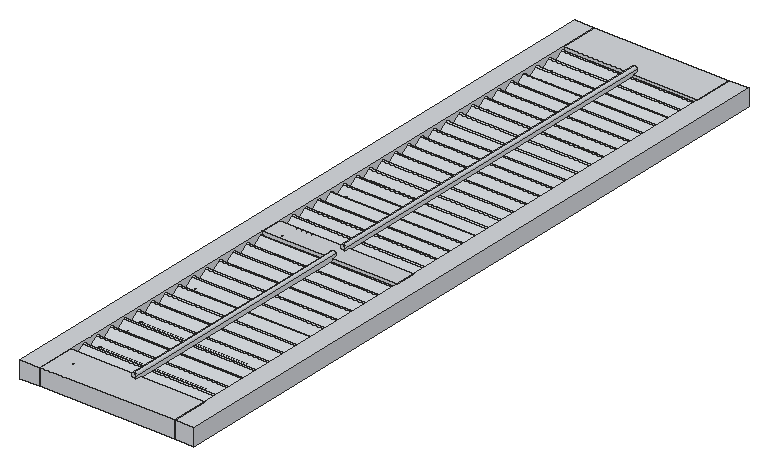
Revit family "Deep South Louver 2 Panel", category Generic Models, Revit 2017
Family settings
  Can host rebar = No
  Round Connector Dimension = Use Diameter
  Part Type = Normal
  Work Plane-Based = Yes
  Always vertical = No
  Cut with Voids When Loaded = No
  Shared = No
  Room Calculation Point = No
Parameters
  URL = "www.newhorizonshutters.com"
  Type Comments = "**** All shutter dimensions and configurations to be approved by NHSI ****"
  Top Rail = 0' - 4"
  Tilt Rod 2 = yes
  Tilt Rod 1 = yes
  Shutter Width = 1' - 6"
  Shutter Thickness = 0' - 1 3/4"
  Shutter Height = 6' - 0"
  Model = "Louver Deep South"
  Mid Rail 1 = 0' - 2 1/4"
  Mid Rail 1 Height = 2' - 6"
  Manufacturer = "New Horizon Shutters"
  Louver Section 2 = Shutter Height - Mid Rail 1 Height - Top Rail - (Mid Rail 1 * 0.5) - 0' 1 7/8"  # 2' - 11"
  Louver Section 1 = Mid Rail 1 Height - Bottom Rail - (Mid Rail 1 * 0.5) - 0' 1 7/8"  # 1' - 11"
  Louver Length = Shutter Width - 0' 4"  # 1' - 2"
  Finish Color = none
  Default Elevation = 4' - 0"
  Bottom Rail = 0' - 4"
Reference planes (in)
  plane 1 "Center (Front/Back)": y = 0
  plane 2: z = 0
  plane 3 "Center (Left/Right)": x = 0
  plane 4: x = 9
  plane 5: x = -9
  plane 6: y = 23
  plane 7: y = -49
  plane 8: y = 19
  plane 9: y = -45
  plane 10: z = 1.75
  plane 11: z = 0.875
  plane 12: x = -7
  plane 13: y = 18.0625
  plane 14: y = -44.0625
  plane 15: z = 0.24426
  plane 16: z = 1.50574
  plane 17: y = -20.125
  plane 18: y = -17.875
  plane 19: y = -19
  plane 20: y = -45.5
  plane 21: y = -19.625
  plane 22: y = -18.375
  plane 23: y = 19.5
  plane 24: x = 0
  plane 25: y = -16.9375
Forms (in)
  Extrusion 1, solid, material <- "Finish Color"
    sketch origin (0, 0, 0) x (1, 0, 0) y (0, 1, 0)
      loop
        line (-9, -49) -> (-7, -49) -> (-7, 23) -> (-9, 23) -> (-9, -49)
    from 0 to 1.75
  Extrusion 2, solid, material <- "Finish Color"
    sketch origin (0, 0, 0) x (-1, 0, 0) y (0, -1, 0)
      loop
        line (-9, 49) -> (-9, -23) -> (-7, -23) -> (-7, 49) -> (-9, 49)
    from 0 to 1.75
  Extrusion 3, solid, material <- "Finish Color"
    sketch origin (0, 0, 0) x (1, 0, 0) y (0, 1, 0)
      loop
        line (-7, 23) -> (-7, 19) -> (7, 19) -> (7, 23) -> (-7, 23)
      loop
        line (-7, -45) -> (-7, -49) -> (7, -49) -> (7, -45) -> (-7, -45)
    from 0 to 1.75
  Extrusion 4, solid, material <- "Finish Color"
    sketch origin (0, 0, 0) x (1, 0, 0) y (0, 1, 0)
      loop
        line (-7, -20.125) -> (7, -20.125) -> (7, -17.875) -> (-7, -17.875) -> (-7, -20.125)
    from 0 to 1.75
  Extrusion 5, solid, material <- "Finish Color", visible <- "Tilt Rod 1"
    sketch origin (-1.06786, 0, -1.06796) x (1, 0, 0) y (0, 0, 1)
      loop
        arc (1.30926, 2.9876) -> (1.23855, 3.1583) -> (1.06786, 3.229) r 0.2414
        arc (1.06786, 3.229) -> (0.88784, 3.16362) -> (0.81194, 2.98778) r 0.24164
        line (0.81194, 2.98778) -> (0.81194, 2.60269) -> (1.30926, 2.60269) -> (1.30926, 2.9876)
    from 19.625 to 45.5
  Extrusion 6, solid, material <- "Finish Color", visible <- "Tilt Rod 2"
    sketch origin (-6.08756, 0, -2.10055) x (1, 0, 0) y (0, 0, 1)
      loop
        arc (6.32896, 4.02104) -> (6.25826, 4.19174) -> (6.08756, 4.26244) r 0.2414
        arc (6.08756, 4.26244) -> (5.90754, 4.19706) -> (5.83164, 4.02122) r 0.24164
        line (5.83164, 4.02122) -> (5.83164, 3.63613) -> (6.32896, 3.63613) -> (6.32896, 4.02104)
    from -19.5 to 18.375
Lines and regions (in)
  reference lines
    curve 1: line (7, 0, 1.53559) -> (-7, 0, 1.53559)
    curve 2: line (0, 0, 2.16189) -> (0, 0, 1.53559)
Dimensions and locks (in)
  equal spacing: plane 5, plane 3 "Center (Left/Right)", plane 4
  "Shutter Width": plane 5 to plane 4
  "Shutter Height": plane 6 to plane 7
  "Top Rail": plane 6 to plane 8
  "Bottom Rail": plane 9 to plane 7
  equal spacing: plane 10, plane 11, level
  "Shutter Thickness": plane 10 to level
  locked: plane 5 to plane 12 at 2
  locked: Extrusion 2 to Extrusion 2 at 2
  locked: plane 8 to plane 13 at 0.9375
  locked: plane 14 to plane 9 at 0.9375
  equal spacing: plane 15, plane 11, plane 16
  equal spacing: plane 18, plane 19, plane 17
  "Mid Rail 1 Height": plane 19 to plane 7
  "Mid Rail 1": plane 18 to plane 17
  locked: plane 23 to plane 8 at 0.5
  locked: plane 22 to plane 18 at 0.5
  locked: plane 21 to plane 17 at 0.5
  plane 9 to plane 20 = 0' - 0 1/2"
  locked: plane 25 to plane 18 at 0.9375
  aligned and locked: plane 2 to level
  aligned and locked: Extrusion 1 sketch curve to plane 7
  aligned and locked: Extrusion 1 sketch curve to plane 5
  aligned and locked: plane 6 to Extrusion 1 sketch curve
  aligned and locked: Extrusion 1 sketch curve to plane 12
  aligned and locked: Extrusion 1 to level
  aligned and locked: plane 10 to Extrusion 1
  aligned and locked: Extrusion 2 to plane 4
  aligned and locked: plane 6 to Extrusion 2
  aligned and locked: Extrusion 2 to plane 7
  aligned and locked: Extrusion 2 to level
  aligned and locked: plane 10 to Extrusion 2
  aligned and locked: Extrusion 3 sketch curve to Extrusion 1  (x2)
  aligned and locked: Extrusion 1 to Extrusion 3 sketch curve
  aligned and locked: plane 8 to Extrusion 3 sketch curve
  aligned and locked: Extrusion 3 sketch curve to Extrusion 2  (x2)
  aligned and locked: Extrusion 3 sketch curve to plane 9
  aligned and locked: Extrusion 2 to Extrusion 3 sketch curve
  aligned and locked: plane 10 to Extrusion 3
  aligned and locked: Extrusion 3 to level
  aligned and locked: plane 15 to nested 1
  aligned and locked: nested 1 to plane 16
  aligned and locked: plane 3 "Center (Left/Right)" to nested 1
  aligned and locked: plane 14 to nested 1
  aligned and locked: Extrusion 4 sketch curve to plane 17
  aligned and locked: Extrusion 4 sketch curve to Extrusion 1
  aligned and locked: plane 18 to Extrusion 4 sketch curve
  aligned and locked: Extrusion 4 sketch curve to Extrusion 2
  aligned and locked: Extrusion 4 to level
  aligned and locked: plane 10 to Extrusion 4
  aligned and locked: nested 2 to plane 11
  aligned and locked: plane 3 "Center (Left/Right)" to nested 2
  aligned and locked: plane 24 to Extrusion 5
  aligned and locked: plane 24 to plane 3 "Center (Left/Right)"
  aligned and locked: plane 21 to Extrusion 5
  aligned and locked: Extrusion 5 to plane 20
  aligned and locked: plane 25 to nested 2
  aligned and locked: curve 2 to Extrusion 6
  aligned and locked: plane 3 "Center (Left/Right)" to curve 2
  aligned and locked: plane 22 to Extrusion 6
  aligned and locked: plane 23 to Extrusion 6
Automatic sketch dimensions
  Extrusion 2 sketch curve to plane 4 = 0' - 0"
  Extrusion 2 sketch curve to plane 6 = 0' - 0"
  Extrusion 2 sketch curve to plane 7 = 0' - 0"
  plane 4 to Extrusion 2 sketch curve = 0' - 2"
  Extrusion 5 sketch curve to plane 3 "Center (Left/Right)" = 0' - 0.25592"
  Extrusion 5 sketch curve to plane 3 "Center (Left/Right)" = 0' - 0.01428"
  plane 3 "Center (Left/Right)" to Extrusion 5 sketch curve = 0' - 0"
  plane 3 "Center (Left/Right)" to Extrusion 5 sketch curve = 0' - 0.2414"
  level to Extrusion 5 sketch curve = 0' - 1.53473"
  level to Extrusion 5 sketch curve = 0' - 1.91964"
  Extrusion 6 sketch curve to plane 3 "Center (Left/Right)" = 0' - 0.25592"
  Extrusion 6 sketch curve to plane 3 "Center (Left/Right)" = 0' - 0.01428"
  plane 3 "Center (Left/Right)" to Extrusion 6 sketch curve = 0' - 0"
  plane 3 "Center (Left/Right)" to Extrusion 6 sketch curve = 0' - 0.2414"
  level to Extrusion 6 sketch curve = 0' - 1.53559"
  level to Extrusion 6 sketch curve = 0' - 1.9205"
  curve 1 to plane 12 = 0' - 0"
  plane 10 to curve 2 = 0' - 0.41189"
  curve 1 to plane 4 = 0' - 2"
  curve 2 to plane 16 = 0' - 0.02984"
Nested families (in)
  nested 1: "Deep South Louver System" at (0, -32.5625, 0.875), Louver Length <- "Louver Length", type "Deep South Louver System"
    with Louver Length 1' - 2"
  nested 2: "Deep South Louver System 2" at (0, 0.5625, 0.875), Louver Length <- "Louver Length", type "Deep South Louver System 2"
    with Louver Length 1' - 2"
Definition of nested family "Deep South Louver System"
  Parameters (values of type "Deep South Louver System")
    Number Of Louvers = Louver Span / Louver Spacing  # 14
    Louver Span = 1' - 11"
    Louver Spacing = 0' - 1 5/8"
    Louver Length [instance] = 2' - 0"
    Finish Color = none
  Reference planes (in)
    plane 1 "Center (Front/Back)": y = 0
    plane 2: z = 0
    plane 3 "Center (Left/Right)": x = 0
    plane 4: x = 12
    plane 5: x = -12
    plane 6: y = 11.5
    plane 7: y = -11.5
  Dimensions and locks (in)
    equal spacing: plane 5, plane 3 "Center (Left/Right)", plane 4
    equal spacing: plane 6, plane 1 "Center (Front/Back)", plane 7
    "Louver Length": plane 5 to plane 4
    "Louver Span": plane 6 to plane 7
    equal spacing: group 1, group 3, group 4, group 5, group 6, group 7, group 8, group 9, group 10, group 11, group 12, group 13, group 14, group 2  (x2)
    equal spacing: group 2, group 14, group 13, group 12, group 11, group 10, group 9, group 8, group 7, group 6, group 5, group 4, group 3, group 1
    aligned and locked: plane 2 to level
    aligned and locked: nested 1 to level
    aligned and locked: plane 5 to nested 1
    aligned and locked: plane 4 to nested 1
    aligned and locked: nested 2 to level
    aligned and locked: nested 3 to level
    aligned and locked: nested 4 to level
    aligned and locked: nested 5 to level
    aligned and locked: nested 1 to plane 6
    aligned and locked: nested 2 to plane 7
  Nested families (in)
    nested 1: "2 Louver" at (0, 11.5, 0), type "2 Louver"
    nested 2: "2 Louver" at (0, -11.5, 0), type "2 Louver"
    nested 3: "2 Louver" at (0, 9.73077, 0), type "2 Louver"
    nested 4: "2 Louver" at (0, 7.96154, 0), type "2 Louver"
    nested 5: "2 Louver" at (0, 6.19231, 0), type "2 Louver"
    nested 6: "2 Louver" at (0, 4.42308, 0), type "2 Louver"
    nested 7: "2 Louver" at (0, 2.65385, 0), type "2 Louver"
    nested 8: "2 Louver" at (0, 0.88462, 0), type "2 Louver"
    nested 9: "2 Louver" at (0, -0.88462, 0), type "2 Louver"
    nested 10: "2 Louver" at (0, -2.65385, 0), type "2 Louver"
    nested 11: "2 Louver" at (0, -4.42308, 0), type "2 Louver"
    nested 12: "2 Louver" at (0, -6.19231, 0), type "2 Louver"
    nested 13: "2 Louver" at (0, -7.96154, 0), type "2 Louver"
    nested 14: "2 Louver" at (0, -9.73077, 0), type "2 Louver"
  Definition of nested family "2 Louver"
    Parameters (values of type "2 Louver")
      Louver Length = 2' - 0"
      Finish Color = none
    Reference planes (in)
      plane 1 "Center (Front/Back)": y = 0
      plane 2: z = 0
      plane 3 "Center (Left/Right)": x = 0
      plane 4: x = 12
      plane 5: x = -12
    Forms (in)
      Extrusion 1, solid, material <- "Finish Color"
        sketch origin (0, 0, 0) x (0, 1, 0) y (0, 0, 1)
          loop
            arc (-0.786, -0.37793) -> (-0.82057, -0.59618) -> (-0.60232, -0.63074) r 0.15625
            line (-0.60232, -0.63074) -> (0.786, 0.37793)
            arc (0.786, 0.37793) -> (0.82057, 0.59618) -> (0.60232, 0.63074) r 0.15625
            line (0.60232, 0.63074) -> (-0.786, -0.37793)
        from -12 to 12
    Lines and regions (in)
      reference lines
        curve 1: line (0, -0.26583, 0) -> (0, 0.26583, 0)
        curve 2: line (0, 0.26583, 0) -> (0, -0.26583, 0)
    Dimensions and locks (in)
      equal spacing: plane 5, plane 3 "Center (Left/Right)", plane 4
      "Louver Length": plane 5 to plane 4
      aligned and locked: plane 2 to level
      aligned and locked: plane 4 to Extrusion 1
      aligned and locked: Extrusion 1 to plane 5
    Automatic sketch dimensions
      Extrusion 1 sketch curve to level = 0' - 0.37793"
      plane 1 "Center (Front/Back)" to Extrusion 1 sketch curve = 0' - 0.786"
      Extrusion 1 sketch curve to Extrusion 1 sketch curve = 0' - 0.09184"  (x4)
      Extrusion 1 sketch curve to plane 1 "Center (Front/Back)" = 0' - 0.60232"
      level to Extrusion 1 sketch curve = 0' - 0.37793"
      Extrusion 1 sketch curve to Extrusion 1 sketch curve = 0' - 0.12641"  (x2)
      curve 1 to level = 0' - 0"
      plane 1 "Center (Front/Back)" to curve 2 = 0' - 0.26583"
      curve 2 to plane 1 "Center (Front/Back)" = 0' - 0.26583"
Definition of nested family "Deep South Louver System 2"
  Parameters (values of type "Deep South Louver System 2")
    Number Of Louvers = Louver Span / Louver Spacing  # 22
    Louver Span = 2' - 11"
    Louver Spacing = 0' - 1 5/8"
    Louver Length [instance] = 2' - 0"
    Finish Color = none
  Reference planes (in)
    plane 1 "Center (Front/Back)": y = 0
    plane 2: z = 0
    plane 3 "Center (Left/Right)": x = 0
    plane 4: x = 12
    plane 5: x = -12
    plane 6: y = 17.5
    plane 7: y = -17.5
  Lines and regions (in)
    reference lines
      curve 1: line (0, -17.76583, 0) -> (0, 17.76583, 0)
  Dimensions and locks (in)
    equal spacing: plane 5, plane 3 "Center (Left/Right)", plane 4
    equal spacing: plane 6, plane 1 "Center (Front/Back)", plane 7
    "Louver Length": plane 5 to plane 4
    "Louver Span": plane 6 to plane 7
    equal spacing: group 1, group 3, group 4, group 5, group 6, group 7, group 8, group 9, group 10, group 11, group 12, group 13, group 14, group 15, group 16, group 17, group 18, group 19, group 20, group 21, group 22, group 2  (x2)
    equal spacing: group 2, group 22, group 21, group 20, group 19, group 18, group 17, group 16, group 15, group 14, group 13, group 12, group 11, group 10, group 9, group 8, group 7, group 6, group 5, group 4, group 3, group 1
    aligned and locked: plane 2 to level
    aligned and locked: nested 1 to level
    aligned and locked: plane 5 to nested 1
    aligned and locked: plane 4 to nested 1
    aligned and locked: nested 2 to level
    aligned and locked: nested 3 to level
    aligned and locked: nested 4 to level
    aligned and locked: nested 5 to level
    aligned and locked: nested 1 to plane 6
    aligned and locked: nested 2 to plane 7
  Automatic sketch dimensions
    curve 1 to level = 0' - 0"
    curve 1 to plane 7 = 0' - 0.26583"
    plane 6 to curve 1 = 0' - 0.26583"
  Nested families (in)
    nested 1: "2 Louver" at (0, 17.5, 0), type "2 Louver"
    nested 2: "2 Louver" at (0, -17.5, 0), type "2 Louver"
    nested 3: "2 Louver" at (0, 15.83333, 0), type "2 Louver"
    nested 4: "2 Louver" at (0, 14.16667, 0), type "2 Louver"
    nested 5: "2 Louver" at (0, 12.5, 0), type "2 Louver"
    nested 6: "2 Louver" at (0, 10.83333, 0), type "2 Louver"
    nested 7: "2 Louver" at (0, 9.16667, 0), type "2 Louver"
    nested 8: "2 Louver" at (0, 7.5, 0), type "2 Louver"
    nested 9: "2 Louver" at (0, 5.83333, 0), type "2 Louver"
    nested 10: "2 Louver" at (0, 4.16667, 0), type "2 Louver"
    nested 11: "2 Louver" at (0, 2.5, 0), type "2 Louver"
    nested 12: "2 Louver" at (0, 0.83333, 0), type "2 Louver"
    nested 13: "2 Louver" at (0, -0.83333, 0), type "2 Louver"
    nested 14: "2 Louver" at (0, -2.5, 0), type "2 Louver"
    nested 15: "2 Louver" at (0, -4.16667, 0), type "2 Louver"
    nested 16: "2 Louver" at (0, -5.83333, 0), type "2 Louver"
    nested 17: "2 Louver" at (0, -7.5, 0), type "2 Louver"
    nested 18: "2 Louver" at (0, -9.16667, 0), type "2 Louver"
    nested 19: "2 Louver" at (0, -10.83333, 0), type "2 Louver"
    nested 20: "2 Louver" at (0, -12.5, 0), type "2 Louver"
    nested 21: "2 Louver" at (0, -14.16667, 0), type "2 Louver"
    nested 22: "2 Louver" at (0, -15.83333, 0), type "2 Louver"
  Definition of nested family "2 Louver"
    Parameters (values of type "2 Louver")
      Louver Length = 2' - 0"
      Finish Color = none
    Reference planes (in)
      plane 1 "Center (Front/Back)": y = 0
      plane 2: z = 0
      plane 3 "Center (Left/Right)": x = 0
      plane 4: x = 12
      plane 5: x = -12
    Forms (in)
      Extrusion 1, solid, material <- "Finish Color"
        sketch origin (0, 0, 0) x (0, 1, 0) y (0, 0, 1)
          loop
            arc (-0.786, -0.37793) -> (-0.82057, -0.59618) -> (-0.60232, -0.63074) r 0.15625
            line (-0.60232, -0.63074) -> (0.786, 0.37793)
            arc (0.786, 0.37793) -> (0.82057, 0.59618) -> (0.60232, 0.63074) r 0.15625
            line (0.60232, 0.63074) -> (-0.786, -0.37793)
        from -12 to 12
    Lines and regions (in)
      reference lines
        curve 1: line (0, -0.26583, 0) -> (0, 0.26583, 0)
        curve 2: line (0, 0.26583, 0) -> (0, -0.26583, 0)
    Dimensions and locks (in)
      equal spacing: plane 5, plane 3 "Center (Left/Right)", plane 4
      "Louver Length": plane 5 to plane 4
      aligned and locked: plane 2 to level
      aligned and locked: plane 4 to Extrusion 1
      aligned and locked: Extrusion 1 to plane 5
    Automatic sketch dimensions
      Extrusion 1 sketch curve to level = 0' - 0.37793"
      plane 1 "Center (Front/Back)" to Extrusion 1 sketch curve = 0' - 0.786"
      Extrusion 1 sketch curve to Extrusion 1 sketch curve = 0' - 0.09184"  (x4)
      Extrusion 1 sketch curve to plane 1 "Center (Front/Back)" = 0' - 0.60232"
      level to Extrusion 1 sketch curve = 0' - 0.37793"
      Extrusion 1 sketch curve to Extrusion 1 sketch curve = 0' - 0.12641"  (x2)
      curve 1 to level = 0' - 0"
      plane 1 "Center (Front/Back)" to curve 2 = 0' - 0.26583"
      curve 2 to plane 1 "Center (Front/Back)" = 0' - 0.26583"
